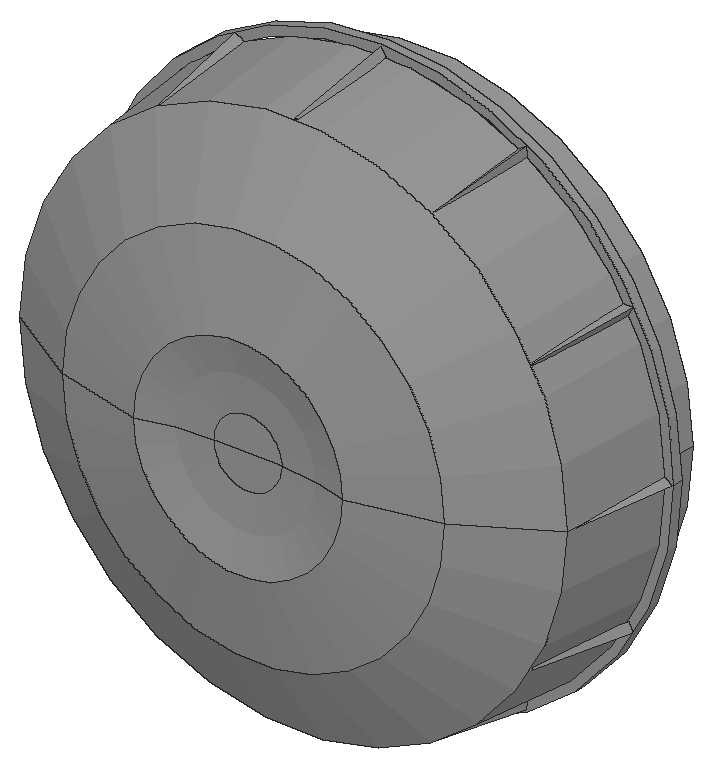
Revit family "DC WF WC", category Fire Alarm Devices, Revit 2014
Parameters (values of type "Notifier by Honeywelll Opal Addressable Wall Beacon NFXI-WF-WC")
  Zone number = ""
  URL = "www.notifierfiresystems.co.uk"
  Type Comments = "Opal Addressable Wall Beacon"
  Tel No. = "+44 (0) 1273 897000"
  Product Code = "NFXI-WF-WC"
  Model = "Wall Mounted Beacon"
  Manufacturer = "Notifier by Honeywell"
  Loop number = ""
  Fax No. = "+44 (0) 1273 376894"
  Email = "sales@notifierfiresystems.co.uk"
  Detector number = ""
  Description = "Addressable Wall Sounder / Beacon"
  Control Panel name = ""
  Assembly Code = "D4090900"
  Address line 1 = "Caburn House, Brooks Road, Lewes, E. Sussex BN7 2BY, UK"
Reference planes
  plane 1 "Center (Front/Back)": y = 0
  plane 2: z = 0
  plane 3 "Center (Left/Right)": x = 0
  plane 4: y = -0.006
Forms (mm)
  Revolve 1, solid, material "UHMW, White"
    sketch origin (0, 0, 0) x (1, 0, 0) y (0, 1, 0)
      loop
        line (-61.419, -10.006) -> (-61.419, -12.006) -> (-59.419, -12.006) -> (-57.424, -34.81) -> (-40.056, -45.318)
        arc (-40.056, -45.318) -> (-31.066, -47.604) -> (-21.965, -49.398) r 170.641
        arc (-21.965, -49.398) -> (-14.665, -47.608) -> (-7.172, -47.006) r 46.937
        line (-7.172, -47.006) -> (0, -47.006) -> (0, -10.006) -> (-61.419, -10.006)
      axis (0, -10.006) -> (0, -49.398)
    angle from 0 to 360
  Revolve 2, solid, material "UHMW, White"
    sketch origin (0, 10, 0) x (1, 0, 0) y (0, 1, 0)
      loop
        line (-55.638, -10.006) -> (-54.958, -17.538)
        arc (-54.958, -17.538) -> (-53.926, -19.308) -> (-51.999, -20.006) r 3.007
        line (-51.999, -20.006) -> (0, -20.006) -> (0, -10.006) -> (-55.638, -10.006)
      axis (0, -10.006) -> (0, -20.006)
    angle from 0 to 360
  SweptBlend 3, solid, material "UHMW, White"
    path origin (0, 0, 0) x (1, 0, 0) y (0, 1, 0)
      loop
        line (59.411, -12.007) -> (57.448, -34.441)
    profile origin (59.411, -12.007, 0) x (0.996195, -0.087156, 0) y (0, 0, 1)
      loop
        line (-0.078, 0.943) -> (-0.078, -0.943) -> (1.623, 0) -> (-0.078, 0.943)
    end profile origin (57.448, -34.441, 0) x (0.996195, -0.087156, 0) y (0, 0, 1)
      loop
        line (-0.026, 0) -> (-2.253, 1.678) -> (-2.253, -1.678) -> (-0.026, 0)
  SweptBlend 4, solid, material "UHMW, White"
    path origin (0, 0, 0) x (-1, 0, 0) y (0, 1, 0)
      loop
        line (59.411, -12.007) -> (57.448, -34.441)
    profile origin (-59.411, -12.007, 0) x (0.996195, 0.087156, 0) y (0, 0, 1)
      loop
        line (0.078, 0.943) -> (-1.623, 0) -> (0.078, -0.943) -> (0.078, 0.943)
    end profile origin (-57.448, -34.441, 0) x (0.996195, 0.087156, 0) y (0, 0, 1)
      loop
        line (0.026, 0) -> (2.253, -1.678) -> (2.253, 1.678) -> (0.026, 0)
  SweptBlend 5, solid, material "UHMW, White"
    path origin (0, 0, 0) x (0, 0, -1) y (0, -1, 0)
      loop
        line (59.411, 12.007) -> (57.448, 34.441)
    profile origin (0, -12.007, -59.411) x (0, 0.087156, 0.996195) y (-1, 0, 0)
      loop
        line (0.078, 0.943) -> (-1.623, 0) -> (0.078, -0.943) -> (0.078, 0.943)
    end profile origin (0, -34.441, -57.448) x (0, 0.087156, 0.996195) y (-1, 0, 0)
      loop
        line (0.026, 0) -> (2.253, -1.678) -> (2.253, 1.678) -> (0.026, 0)
  SweptBlend 6, solid, material "UHMW, White"
    path origin (0, 0, 0) x (0, 0, 1) y (0, 1, 0)
      loop
        line (59.411, -12.007) -> (57.448, -34.441)
    profile origin (0, -12.007, 59.411) x (0, -0.087156, 0.996195) y (-1, 0, 0)
      loop
        line (-0.078, 0.943) -> (-0.078, -0.943) -> (1.623, 0) -> (-0.078, 0.943)
    end profile origin (0, -34.441, 57.448) x (0, -0.087156, 0.996195) y (-1, 0, 0)
      loop
        line (-0.026, 0) -> (-2.253, 1.678) -> (-2.253, -1.678) -> (-0.026, 0)
  SweptBlend 7, solid, material "UHMW, White"
    path origin (0, 0, 0) x (-0.866025, 0, -0.5) y (0, 1, 0)
      loop
        line (59.411, -12.007) -> (57.448, -34.441)
    profile origin (-51.451, -12.007, -29.706) x (-0.86273, -0.087156, -0.498097) y (0.5, 0, -0.866025)
      loop
        line (-0.078, 0.943) -> (-0.078, -0.943) -> (1.623, 0) -> (-0.078, 0.943)
    end profile origin (-49.752, -34.441, -28.724) x (-0.86273, -0.087156, -0.498097) y (0.5, 0, -0.866025)
      loop
        line (-0.026, 0) -> (-2.253, 1.678) -> (-2.253, -1.678) -> (-0.026, 0)
  SweptBlend 8, solid, material "UHMW, White"
    path origin (0, 0, 0) x (0.866025, 0, 0.5) y (0, -1, 0)
      loop
        line (59.411, 12.007) -> (57.448, 34.441)
    profile origin (51.451, -12.007, 29.706) x (-0.86273, 0.087156, -0.498097) y (0.5, 0, -0.866025)
      loop
        line (0.078, 0.943) -> (-1.623, 0) -> (0.078, -0.943) -> (0.078, 0.943)
    end profile origin (49.752, -34.441, 28.724) x (-0.86273, 0.087156, -0.498097) y (0.5, 0, -0.866025)
      loop
        line (0.026, 0) -> (2.253, -1.678) -> (2.253, 1.678) -> (0.026, 0)
  SweptBlend 9, solid, material "UHMW, White"
    path origin (0, 0, 0) x (0.866025, 0, -0.5) y (0, 1, 0)
      loop
        line (59.411, -12.007) -> (57.448, -34.441)
    profile origin (51.451, -12.007, -29.706) x (0.86273, -0.087156, -0.498097) y (0.5, 0, 0.866025)
      loop
        line (-0.078, 0.943) -> (-0.078, -0.943) -> (1.623, 0) -> (-0.078, 0.943)
    end profile origin (49.752, -34.441, -28.724) x (0.86273, -0.087156, -0.498097) y (0.5, 0, 0.866025)
      loop
        line (-0.026, 0) -> (-2.253, 1.678) -> (-2.253, -1.678) -> (-0.026, 0)
  SweptBlend 10, solid, material "UHMW, White"
    path origin (0, 0, 0) x (-0.866025, 0, 0.5) y (0, -1, 0)
      loop
        line (59.411, 12.007) -> (57.448, 34.441)
    profile origin (-51.451, -12.007, 29.706) x (0.86273, 0.087156, -0.498097) y (0.5, 0, 0.866025)
      loop
        line (0.078, 0.943) -> (-1.623, 0) -> (0.078, -0.943) -> (0.078, 0.943)
    end profile origin (-49.752, -34.441, 28.724) x (0.86273, 0.087156, -0.498097) y (0.5, 0, 0.866025)
      loop
        line (0.026, 0) -> (2.253, -1.678) -> (2.253, 1.678) -> (0.026, 0)
  SweptBlend 11, solid, material "UHMW, White"
    path origin (0, 0, 0) x (0.5, 0, 0.866025) y (0, 1, 0)
      loop
        line (59.411, -12.007) -> (57.448, -34.441)
    profile origin (29.706, -12.007, 51.451) x (0.498097, -0.087156, 0.86273) y (-0.866025, 0, 0.5)
      loop
        line (-0.078, 0.943) -> (-0.078, -0.943) -> (1.623, 0) -> (-0.078, 0.943)
    end profile origin (28.724, -34.441, 49.752) x (0.498097, -0.087156, 0.86273) y (-0.866025, 0, 0.5)
      loop
        line (-0.026, 0) -> (-2.253, 1.678) -> (-2.253, -1.678) -> (-0.026, 0)
  SweptBlend 12, solid, material "UHMW, White"
    path origin (0, 0, 0) x (-0.5, 0, 0.866025) y (0, -1, 0)
      loop
        line (59.411, 12.007) -> (57.448, 34.441)
    profile origin (-29.706, -12.007, 51.451) x (0.498097, 0.087156, -0.86273) y (0.866025, 0, 0.5)
      loop
        line (0.078, 0.943) -> (-1.623, 0) -> (0.078, -0.943) -> (0.078, 0.943)
    end profile origin (-28.724, -34.441, 49.752) x (0.498097, 0.087156, -0.86273) y (0.866025, 0, 0.5)
      loop
        line (0.026, 0) -> (2.253, -1.678) -> (2.253, 1.678) -> (0.026, 0)
  SweptBlend 13, solid, material "UHMW, White"
    path origin (0, 0, 0) x (0.5, 0, -0.866025) y (0, -1, 0)
      loop
        line (59.411, 12.007) -> (57.448, 34.441)
    profile origin (29.706, -12.007, -51.451) x (-0.498097, 0.087156, 0.86273) y (-0.866025, 0, -0.5)
      loop
        line (0.078, 0.943) -> (-1.623, 0) -> (0.078, -0.943) -> (0.078, 0.943)
    end profile origin (28.724, -34.441, -49.752) x (-0.498097, 0.087156, 0.86273) y (-0.866025, 0, -0.5)
      loop
        line (0.026, 0) -> (2.253, -1.678) -> (2.253, 1.678) -> (0.026, 0)
  SweptBlend 14, solid, material "UHMW, White"
    path origin (0, 0, 0) x (-0.5, 0, -0.866025) y (0, 1, 0)
      loop
        line (59.411, -12.007) -> (57.448, -34.441)
    profile origin (-29.706, -12.007, -51.451) x (-0.498097, -0.087156, -0.86273) y (0.866025, 0, -0.5)
      loop
        line (-0.078, 0.943) -> (-0.078, -0.943) -> (1.623, 0) -> (-0.078, 0.943)
    end profile origin (-28.724, -34.441, -49.752) x (-0.498097, -0.087156, -0.86273) y (0.866025, 0, -0.5)
      loop
        line (-0.026, 0) -> (-2.253, 1.678) -> (-2.253, -1.678) -> (-0.026, 0)
Lines and regions (mm)
  symbolic lines
    curve 1: circle (0, -100.006, 0) r 100 normal (0, 0, 1)
    curve 2: circle (0, -100.006, 0) r 40 normal (0, 0, 1)
